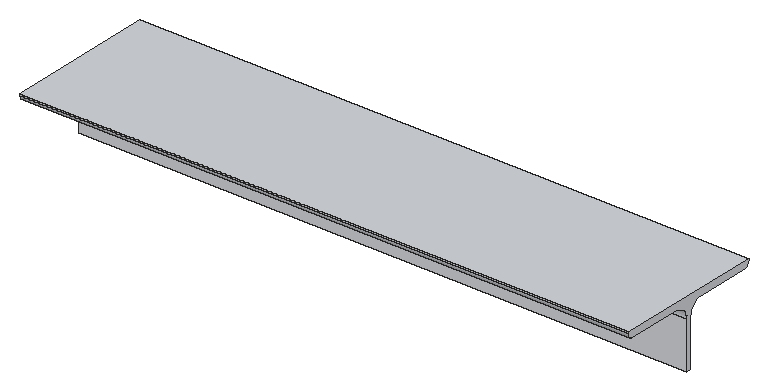
Revit family "StructuralFraming_TProfile", category Structural Framing, Revit 2018
Family settings
  Structural Framing Length Roundoff = 1 mm
  Section Shape = Structural Tees
  Material for Model Behavior = Steel
  Always export as geometry = No
  Always vertical = Yes
  Cut with Voids When Loaded = No
  Symbolic Representation = From Project Settings
  Shared = No
  Show family pre-cut in plan views = Yes
Parameters (values of type "TProfile")
  Width = 300 mm
  built-in parameter 1005567 = (empty or 0)
  Web Thickness = 9 mm
  Web Fillet = 27 mm
  Warping Constant = (empty or 0)
  Torsional Moment of Inertia = 0 cm⁴
  Torsional Modulus = 0 cm³
  Top Web Fillet = 0 mm
  Structural Material [instance] = none
  built-in parameter 1005564 = (empty or 0)
  Sloped Flange Angle = 0.00°
  Shear Area weak axis = 0.0 cm²
  Shear Area strong axis = 0.0 cm²
  Section Area = 0.0 cm²
  Principal Axes Angle = 0.00°
  Plastic Modulus weak axis = 0 cm³
  Plastic Modulus strong axis = 0 cm³
  Perimeter = (empty or 0)
  Nominal Weight = 0 N/m
  Moment of Inertia weak axis = 0 cm⁴
  Moment of Inertia strong axis = 0 cm⁴
  Height = 135 mm
  Flange Thickness Location = 0 mm
  Flange Thickness = 14 mm
  Flange Fillet = 10 mm
  Elastic Modulus weak axis = 0 cm³
  Elastic Modulus strong axis = 0 cm³
  Centroid Vertical = 67.5 mm
  Centroid Horizontal = 0 mm
  built-in parameter 1005542 = (empty or 0)
  Bolt Spacing = 0 mm
  built-in parameter 1005539 = (empty or 0)
  Assembly Code = ""
  Length [instance] = 1500 mm
Reference planes
  plane 1 "Center (Front/Back)": y = 0
  plane 2: z = 0
  plane 3 "Center (Left/Right)": x = 4.61
  plane 4 "Member Left": x = -604.99
  plane 5 "Member Right": x = 614.21
  plane 6: y = 150
  plane 7: y = -150
  plane 8 "Top": z = 67.5
  plane 9: z = -67.5
  plane 10 "Left": x = -757.39
  plane 11 "Right": x = 742.61
Forms (mm)
  Sweep 1, solid, material <- "Structural Material", detail levels medium
    path origin (0, 0, 0) x (1, 0, 0) y (0, 1, 0)
      loop
        line (614.21, 0) -> (-604.99, 0)
    profile "TProfile-Medium : TProfile-Medium" origin (4.61, 0, 0) x (0, -1, 0) y (0, 0, 1)
      loop
        line (-150, 67.5) -> (-150, 53.5) -> (-4.5, 53.5) -> (-4.5, -67.5) -> (4.5, -67.5) -> (4.5, 53.5) -> (150, 53.5) -> (150, 67.5) -> (-150, 67.5)
  Sweep 2, solid, material <- "Structural Material", detail levels fine
    path origin (0, 0, 0) x (1, 0, 0) y (0, 1, 0)
      loop
        line (614.21, 0) -> (-604.99, 0)
    profile "TProfile-Fine : TProfile-Fine" origin (4.61, 0, 0) x (0, -1, 0) y (0, 0, 1)
      loop
        line (-150, 67.5) -> (-150, 63.5)
        arc (-150, 63.5) -> (-147.071, 56.429) -> (-140, 53.5) r 10
        line (-140, 53.5) -> (-31.5, 53.5)
        arc (-31.5, 53.5) -> (-12.408, 45.592) -> (-4.5, 26.5) r 27
        line (-4.5, 26.5) -> (-4.5, -67.5) -> (4.5, -67.5) -> (4.5, 26.5)
        arc (4.5, 26.5) -> (12.408, 45.592) -> (31.5, 53.5) r 27
        line (31.5, 53.5) -> (140, 53.5)
        arc (140, 53.5) -> (147.071, 56.429) -> (150, 63.5) r 10
        line (150, 63.5) -> (150, 67.5) -> (-150, 67.5)
Lines and regions (mm)
  symbolic lines, style "Hidden Faces", detail levels medium+fine
    curve 1: line (614.21, -6.5, 0) -> (-604.99, -6.5, 0)
    curve 2: line (614.21, 6.5, 0) -> (-604.99, 6.5, 0)
  symbolic lines, style "Stick Symbols", detail levels coarse
    curve 3: line (4.61, 150, 67.5) -> (4.61, -150, 67.5)
    curve 4: line (4.61, 0, 67.5) -> (4.61, 0, -67.5)
Dimensions and locks
  "Width": plane 6 to plane 7
  "Height": plane 9 to plane 8 "Top"
  plane 9 to plane 2 to plane 8 "Top" = 67.5 mm, 67.5 mm
  equal spacing: plane 6, plane 1 "Center (Front/Back)", plane 7
  "Length": plane 10 "Left" to plane 11 "Right"
  "Centroid Vertical": plane 2 to plane 8 "Top"
  aligned and locked: Sweep 1 sketch curve to plane 1 "Center (Front/Back)"
  aligned and locked: Sweep 2 sketch curve to plane 1 "Center (Front/Back)"
  aligned and locked: Sweep 2 to curve 3  (x2)
  aligned and locked: curve 4 to Sweep 1
  aligned and locked: curve 3 to Sweep 2
  aligned and locked: plane 4 "Member Left" to Sweep 1 sketch curve
  aligned and locked: plane 5 "Member Right" to Sweep 1 sketch curve
  aligned and locked: plane 4 "Member Left" to Sweep 2 sketch curve
  aligned and locked: plane 5 "Member Right" to Sweep 2 sketch curve
  aligned and locked: plane 4 "Member Left" to curve 1
  aligned and locked: plane 5 "Member Right" to curve 1
  aligned and locked: plane 4 "Member Left" to curve 2
  aligned and locked: plane 5 "Member Right" to curve 2
Automatic sketch dimensions
  plane 1 "Center (Front/Back)" to curve 1 = 6.5 mm
  curve 2 to plane 1 "Center (Front/Back)" = 6.5 mm
  curve 4 to plane 1 "Center (Front/Back)" = 0 mm
